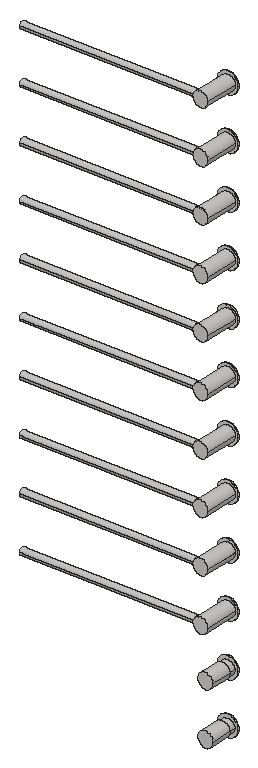
Revit family "T39ELUS", category Generic Models, Revit 2021
Family settings
  Can host rebar = No
  Round Connector Dimension = Use Diameter
  Part Type = Normal
  Work Plane-Based = No
  Always vertical = Yes
  Cut with Voids When Loaded = No
  Shared = No
  Room Calculation Point = No
Parameters
  e-mail = "info@vola.com"
  URL = "http://vola.com"
  Telephone = "+45 7023 5500"
  Quality management standard = "ISO 9001"
  Organisation no. / DUNS no. = "17531328"
  Occupational health and safety management standard = "ISO 18001"
  Number Of Bars = 10
  Mounting Instructions = "http://vola.com/service/producturl.ashx?name=T39ELUS"
  Model = "T39ELUS"
  Min/Max Bar Distance = if(Bar Distance < 100.0000 mm, 100.0000 mm, (if(Bar Distance > 300.0000 mm, 300.0000 mm, Bar Distance)))  # 150.0000 mm
  Max Number Of Bars = if(Number Of Bars > 20, 20, Number Of Bars)  # 10
  Materials and components information = "http://vola.com/service/producturl.ashx?name=T39ELUS"
  Manufacturer = "VOLA A/S"
  Maintenance Instructions = "http://vola.com/service/producturl.ashx?name=T39ELUS"
  Guarantee = "2 years"
  Environmental management standard = "ISO 14000"
  Default Elevation = 0.0000 mm
  Connection - All relevant connections = ""
  Bar Distance = 150.0000 mm
  Approvals = "http://vola.com/service/producturl.ashx?name=T39ELUS"
Reference planes
  plane 1 "Center (Front/Back)": y = 0
  plane 2: z = 0
  plane 3 "Center (Left/Right)": x = 0
  plane 4: z = 150
  plane 5: z = -150
  plane 6: z = -300
Forms (mm)
  Extrusion 1, solid, material "Stainless Steel"
    sketch origin (0, 0, 0) x (1, 0, 0) y (0, 0, 1)
      loop
        circle (0, 0) r 30
    from 0 to 2
  Extrusion 2, solid, material "Stainless Steel"
    sketch origin (0, -2, 0) x (1, 0, 0) y (0, 0, 1)
      loop
        circle (0, 0) r 21.5
    from 0 to 97
  Extrusion 3, solid, material "Stainless Steel"
    sketch origin (0, 17, 0) x (0, 1, 0) y (0, 0, 1)
      loop
        circle (-99, 0) r 10
    from 0 to -23.5
  Extrusion 4, solid, material "Stainless Steel"
    sketch origin (-23.5, 17, 0) x (0, -1, 0) y (0, 0, 1)
      loop
        circle (99, 0) r 10
    from 0 to 500
  Extrusion 5, solid, material "Stainless Steel"
    sketch origin (0, 0, -150) x (1, 0, 0) y (0, 0, 1)
      loop
        circle (0, 0) r 30
    from 0 to 2
  Extrusion 6, solid, material "Stainless Steel"
    sketch origin (0, -2, -150) x (1, 0, 0) y (0, 0, 1)
      loop
        circle (0, 0) r 19.35
    from 0 to 20
  Extrusion 7, solid, material "Stainless Steel"
    sketch origin (0, -22, -150) x (1, 0, 0) y (0, 0, 1)
      loop
        circle (0, 0) r 21.5
    from 0 to 60
  Extrusion 8, solid, material "Stainless Steel"
    sketch origin (0, 0, -300) x (1, 0, 0) y (0, 0, 1)
      loop
        circle (0, 0) r 30
    from 0 to 2
  Extrusion 9, solid, material "Stainless Steel"
    sketch origin (0, -2, -300) x (1, 0, 0) y (0, 0, 1)
      loop
        circle (0, 0) r 19.35
    from 0 to 20
  Extrusion 10, solid, material "Stainless Steel"
    sketch origin (0, -22, -300) x (1, 0, 0) y (0, 0, 1)
      loop
        circle (0, 0) r 21.5
    from 0 to 60
  Extrusion 11, solid, material "Stainless Steel", not visible
    sketch origin (0, 0, -150) x (1, 0, 0) y (0, 0, 1)
      loop
        circle (0, 0) r 30
    from 0 to 2
  Extrusion 12, solid, material "Stainless Steel", not visible
    sketch origin (0, -2, -150) x (1, 0, 0) y (0, 0, 1)
      loop
        circle (0, 0) r 19.35
    from 0 to 20
  Extrusion 13, solid, material "Stainless Steel", not visible
    sketch origin (0, -22, -150) x (1, 0, 0) y (0, 0, 1)
      loop
        circle (0, 0) r 21.5
    from 0 to 60
  Extrusion 14, solid, material "Stainless Steel", not visible
    sketch origin (0, 0, -300) x (1, 0, 0) y (0, 0, 1)
      loop
        circle (0, 0) r 30
    from 0 to 2
  Extrusion 15, solid, material "Stainless Steel", not visible
    sketch origin (0, -2, -300) x (1, 0, 0) y (0, 0, 1)
      loop
        circle (0, 0) r 19.35
    from 0 to 20
  Extrusion 16, solid, material "Stainless Steel", not visible
    sketch origin (0, -22, -300) x (1, 0, 0) y (0, 0, 1)
      loop
        circle (0, 0) r 21.5
    from 0 to 60
  Extrusion 17, solid, material "Stainless Steel"
    sketch origin (0, 0, 150) x (1, 0, 0) y (0, 0, 1)
      loop
        circle (0, 0) r 30
    from 0 to 2
  Extrusion 18, solid, material "Stainless Steel"
    sketch origin (0, -2, 150) x (1, 0, 0) y (0, 0, 1)
      loop
        circle (0, 0) r 21.5
    from 0 to 97
  Extrusion 19, solid, material "Stainless Steel"
    sketch origin (0, 17, 150) x (0, 1, 0) y (0, 0, 1)
      loop
        circle (-99, 0) r 10
    from 0 to -23.5
  Extrusion 20, solid, material "Stainless Steel"
    sketch origin (-23.5, 17, 150) x (0, -1, 0) y (0, 0, 1)
      loop
        circle (99, 0) r 10
    from 0 to 500
  Extrusion 21, solid, material "Stainless Steel"
    sketch origin (0, 0, 300) x (1, 0, 0) y (0, 0, 1)
      loop
        circle (0, 0) r 30
    from 0 to 2
  Extrusion 22, solid, material "Stainless Steel"
    sketch origin (0, -2, 300) x (1, 0, 0) y (0, 0, 1)
      loop
        circle (0, 0) r 21.5
    from 0 to 97
  Extrusion 23, solid, material "Stainless Steel"
    sketch origin (0, 17, 300) x (0, 1, 0) y (0, 0, 1)
      loop
        circle (-99, 0) r 10
    from 0 to -23.5
  Extrusion 24, solid, material "Stainless Steel"
    sketch origin (-23.5, 17, 300) x (0, -1, 0) y (0, 0, 1)
      loop
        circle (99, 0) r 10
    from 0 to 500
  Extrusion 25, solid, material "Stainless Steel"
    sketch origin (0, 0, 450) x (1, 0, 0) y (0, 0, 1)
      loop
        circle (0, 0) r 30
    from 0 to 2
  Extrusion 26, solid, material "Stainless Steel"
    sketch origin (0, -2, 450) x (1, 0, 0) y (0, 0, 1)
      loop
        circle (0, 0) r 21.5
    from 0 to 97
  Extrusion 27, solid, material "Stainless Steel"
    sketch origin (0, 17, 450) x (0, 1, 0) y (0, 0, 1)
      loop
        circle (-99, 0) r 10
    from 0 to -23.5
  Extrusion 28, solid, material "Stainless Steel"
    sketch origin (-23.5, 17, 450) x (0, -1, 0) y (0, 0, 1)
      loop
        circle (99, 0) r 10
    from 0 to 500
  Extrusion 29, solid, material "Stainless Steel"
    sketch origin (0, 0, 600) x (1, 0, 0) y (0, 0, 1)
      loop
        circle (0, 0) r 30
    from 0 to 2
  Extrusion 30, solid, material "Stainless Steel"
    sketch origin (0, -2, 600) x (1, 0, 0) y (0, 0, 1)
      loop
        circle (0, 0) r 21.5
    from 0 to 97
  Extrusion 31, solid, material "Stainless Steel"
    sketch origin (0, 17, 600) x (0, 1, 0) y (0, 0, 1)
      loop
        circle (-99, 0) r 10
    from 0 to -23.5
  Extrusion 32, solid, material "Stainless Steel"
    sketch origin (-23.5, 17, 600) x (0, -1, 0) y (0, 0, 1)
      loop
        circle (99, 0) r 10
    from 0 to 500
  Extrusion 33, solid, material "Stainless Steel"
    sketch origin (0, 0, 750) x (1, 0, 0) y (0, 0, 1)
      loop
        circle (0, 0) r 30
    from 0 to 2
  Extrusion 34, solid, material "Stainless Steel"
    sketch origin (0, -2, 750) x (1, 0, 0) y (0, 0, 1)
      loop
        circle (0, 0) r 21.5
    from 0 to 97
  Extrusion 35, solid, material "Stainless Steel"
    sketch origin (0, 17, 750) x (0, 1, 0) y (0, 0, 1)
      loop
        circle (-99, 0) r 10
    from 0 to -23.5
  Extrusion 36, solid, material "Stainless Steel"
    sketch origin (-23.5, 17, 750) x (0, -1, 0) y (0, 0, 1)
      loop
        circle (99, 0) r 10
    from 0 to 500
  Extrusion 37, solid, material "Stainless Steel"
    sketch origin (0, 0, 900) x (1, 0, 0) y (0, 0, 1)
      loop
        circle (0, 0) r 30
    from 0 to 2
  Extrusion 38, solid, material "Stainless Steel"
    sketch origin (0, -2, 900) x (1, 0, 0) y (0, 0, 1)
      loop
        circle (0, 0) r 21.5
    from 0 to 97
  Extrusion 39, solid, material "Stainless Steel"
    sketch origin (0, 17, 900) x (0, 1, 0) y (0, 0, 1)
      loop
        circle (-99, 0) r 10
    from 0 to -23.5
  Extrusion 40, solid, material "Stainless Steel"
    sketch origin (-23.5, 17, 900) x (0, -1, 0) y (0, 0, 1)
      loop
        circle (99, 0) r 10
    from 0 to 500
  Extrusion 41, solid, material "Stainless Steel"
    sketch origin (0, 0, 1050) x (1, 0, 0) y (0, 0, 1)
      loop
        circle (0, 0) r 30
    from 0 to 2
  Extrusion 42, solid, material "Stainless Steel"
    sketch origin (0, -2, 1050) x (1, 0, 0) y (0, 0, 1)
      loop
        circle (0, 0) r 21.5
    from 0 to 97
  Extrusion 43, solid, material "Stainless Steel"
    sketch origin (0, 17, 1050) x (0, 1, 0) y (0, 0, 1)
      loop
        circle (-99, 0) r 10
    from 0 to -23.5
  Extrusion 44, solid, material "Stainless Steel"
    sketch origin (-23.5, 17, 1050) x (0, -1, 0) y (0, 0, 1)
      loop
        circle (99, 0) r 10
    from 0 to 500
  Extrusion 45, solid, material "Stainless Steel"
    sketch origin (0, 0, 1200) x (1, 0, 0) y (0, 0, 1)
      loop
        circle (0, 0) r 30
    from 0 to 2
  Extrusion 46, solid, material "Stainless Steel"
    sketch origin (0, -2, 1200) x (1, 0, 0) y (0, 0, 1)
      loop
        circle (0, 0) r 21.5
    from 0 to 97
  Extrusion 47, solid, material "Stainless Steel"
    sketch origin (0, 17, 1200) x (0, 1, 0) y (0, 0, 1)
      loop
        circle (-99, 0) r 10
    from 0 to -23.5
  Extrusion 48, solid, material "Stainless Steel"
    sketch origin (-23.5, 17, 1200) x (0, -1, 0) y (0, 0, 1)
      loop
        circle (99, 0) r 10
    from 0 to 500
  Extrusion 49, solid, material "Stainless Steel"
    sketch origin (0, 0, 1350) x (1, 0, 0) y (0, 0, 1)
      loop
        circle (0, 0) r 30
    from 0 to 2
  Extrusion 50, solid, material "Stainless Steel"
    sketch origin (0, -2, 1350) x (1, 0, 0) y (0, 0, 1)
      loop
        circle (0, 0) r 21.5
    from 0 to 97
  Extrusion 51, solid, material "Stainless Steel"
    sketch origin (0, 17, 1350) x (0, 1, 0) y (0, 0, 1)
      loop
        circle (-99, 0) r 10
    from 0 to -23.5
  Extrusion 52, solid, material "Stainless Steel"
    sketch origin (-23.5, 17, 1350) x (0, -1, 0) y (0, 0, 1)
      loop
        circle (99, 0) r 10
    from 0 to 500
Cuts and joins
  joined: Extrusion 2, Extrusion 3
  joined: Extrusion 18, Extrusion 19
  joined: Extrusion 22, Extrusion 23
  joined: Extrusion 26, Extrusion 27
  joined: Extrusion 30, Extrusion 31
  joined: Extrusion 34, Extrusion 35
  joined: Extrusion 38, Extrusion 39
  joined: Extrusion 42, Extrusion 43
  joined: Extrusion 46, Extrusion 47
  joined: Extrusion 50, Extrusion 51
Dimensions and locks
  equal spacing: group 5, group 6, group 7, group 8, group 9, group 10, group 11, group 12, group 13, group 14  (x3)
  "Min/Max Bar Distance": plane 4 to level
  "Min/Max Bar Distance": level to plane 5
  "Min/Max Bar Distance": plane 5 to plane 6
  aligned and locked: plane 2 to level
  aligned and locked: plane 5 to Extrusion 5
  aligned and locked: plane 6 to Extrusion 8
  aligned and locked: plane 4 to Extrusion 20
  aligned and locked: plane 4 to Extrusion 19
  aligned and locked: plane 4 to Extrusion 18
  aligned and locked: plane 4 to Extrusion 17
Automatic sketch dimensions
  radius of Extrusion 5 sketch curve = 30.0000 mm
  radius of Extrusion 6 sketch curve to Extrusion 5 = 10.6500 mm
  radius of Extrusion 6 to Extrusion 7 sketch curve = 2.1500 mm
  radius of Extrusion 8 sketch curve = 30.0000 mm
  radius of Extrusion 9 sketch curve to Extrusion 8 = 10.6500 mm
  radius of Extrusion 9 to Extrusion 10 sketch curve = 2.1500 mm
  radius of Extrusion 14 sketch curve = 30.0000 mm
  radius of Extrusion 15 sketch curve to Extrusion 14 = 10.6500 mm
  radius of Extrusion 15 to Extrusion 16 sketch curve = 2.1500 mm
  radius of Extrusion 11 sketch curve = 30.0000 mm
  radius of Extrusion 12 sketch curve to Extrusion 11 = 10.6500 mm
  radius of Extrusion 12 to Extrusion 13 sketch curve = 2.1500 mm
